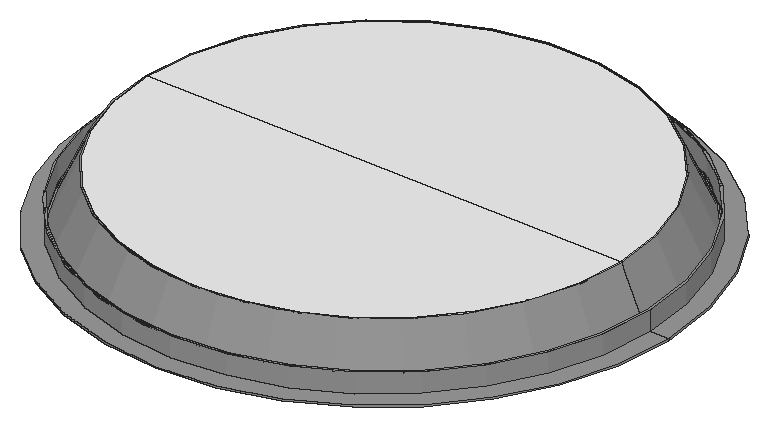
Revit family "Artemide_Tagora_Recessed_970", category Apparecchi per illuminazione, Revit 2018
Family settings
  Quota connettore circolare = Usa diametro
  Tipo di parte = Normale
  Basato su piano di lavoro = Sì
  Sempre verticale = Sì
  Taglio con vuoti quando caricato = Sì
  Sorgente d'illuminazione = Sì
  Condiviso = No
  Punto di calcolo locali = No
Parameters
  Wattage = 84 W
  built-in parameter 1150110 = 1 (stored number, unit not read)
  Voltage = "-"
  built-in parameter 1114217 = 1 (stored number, unit not read)
  Tilt Angle = 90.00°
  built-in parameter 1150109 = 1 (stored number, unit not read)
  built-in parameter 1150134 = 12
  built-in parameter 1150113 = 1 (stored number, unit not read)
  Product Range = "Tagora"
  File diagramma fotometrico = "M250121.IES"
  Max Height from ceiling = 0 mm
  M_Housing = Artemide_Aluminum_White
  M_Fixings = Artemide_Aluminum_Anodized
  M_Diffuser = Artemide_Glass_LightBulb
  built-in parameter 1150105 = 550.27 (stored number, unit not read)
  Lumens = 6914.88 lm
  built-in parameter 1150115 = 1 (stored number, unit not read)
  built-in parameter 1150137 = (empty or 0)
  built-in parameter 1150139 = (empty or 0)
  built-in parameter 1150112 = 1 (stored number, unit not read)
  built-in parameter 1150114 = 1 (stored number, unit not read)
  built-in parameter 1150132 = (empty or 0)
  built-in parameter 1150102 = (empty or 0)
  built-in parameter 1150107 = 4000 (stored number, unit not read)
  built-in parameter 1150138 = (empty or 0)
  built-in parameter 1150106 = 5.5027 (stored number, unit not read)
  IfcExportType = "NOT DEFINED"  # constant formula
  IfcExportAs = "IfcLightFixtureType"  # constant formula
  Weekly = "-"
  Warranty ID = "https://cloud.artemide.com/5-years-warranty"
  Upward Component  = 0
  Unified Glare Rating  = "-"
  Uniclass 2015 = "Pr_70_70_48"  # constant formula
  URL to O&M Manual = "https://www.artemide.com/contents/documenti/prodotto/tagora_incasso_970_instructions2528833.pdf"
  URL to Energy Technology List = "-"
  Trim Material = "Aluminium"
  Trim Finish = "Painted"
  Trim Colour  = "White"
  Total Power = 0
  Total Light Output  = 0
  Testing method = "-"
  Supply Phase = 0
  Suitable for Photocell Control = "-"
  Suitable for Motion Detector Control = "N"
  Suitable for Dimming  = "Y"
  Suitable Dimmer Type = "DALI"
  Standards = "-"
  Shipping Weight = 0
  Service life  = "-"
  Secondary Rated Lamp Life = 0
  Secondary Lamp Voltage = 0
  Secondary Lamp International Type Code = "-"
  Secondary Lamp Initial Lumens  = 0
  Secondary Lamp Included = "-"
  Secondary Lamp Efficacy = 0
  Secondary Lamp Colour Temperature = 0
  Secondary Lamp Colour Rendering Index = 0
  Secondary Lamp Cap = "-"
  Secondary Lamp = "-"
  Responsible Sourcing of Materials = "-"
  Responsible Extraction of Materials = "-"
  Rated Lamp Life = 50000
  Quarterly = "-"
  Product Model Number = "M250121"
  Product Literature = "https://www.artemide.com/en/subfamily/1657802/tagora-recessed-970"
  Primary Lamp Type = "LED"
  Power Supply Kit = "-"
  Power Factor = 0
  Photocell = "-"
  Overall Width = 0
  Overall Light Output Ratio = 0
  Overall Length = 1046
  Overall Height = 0
  Output Lumens Indirect light = 0
  Output Lumens Direct light = 6915
  Number of Secondary Lamps = 0
  Number of Primary Lamps = 1
  Number of Poles = 0
  Motion Sensor = "-"
  Motion Detector = "-"
  Monthly = "-"
  Minimum Operating Temperature = 0
  Maximum Operating Temperature = 0
  Material Ingredient Reporting = "-"
  Manufacturer Website = "https://www.artemide.com"
  Produttore = "Artemide"
  Maintenance Required: 8001-12000hrs  = "-"
  Maintenance Required: 601-1000hrs = "-"
  Maintenance Required: 4001-8000hrs  = "-"
  Maintenance Required: 301-600hrs  = "-"
  Maintenance Required: 2001-4000hrs  = "-"
  Maintenance Required: 1001-2000hrs  = "-"
  Maintenance Required: 0-300hrs  = "-"
  Luminance at 65deg Angle = 0
  Luminaire Type = "Downlight"
  Luminaire Maintenance Factor = 0
  Luminaire Cleaning Interval  = "-"
  Louvre/Lens = "-"
  Location of Manufacturer = "-"
  Light Output Pattern = "-"
  Light Fixture Mounting Type = "Recessed"
  Life Cycle Analysis = "-"
  Lamp Survival Factor = "-"
  Lamp Replacement Interval = "-"
  Lamp Included = "Y"
  Lamp Cap = "LED Integrated"
  LED lifetime = 50000
  LED Maintained Colour Variation         = 0
  LED Initial Colour Variation                      = 0
  International Type Code = "-"
  Intended Market = "Unset"
  Integral Fuse or Circuit Protection  = "-"
  Integral Emergency Lighting Battery Type = "-"
  Input Lumens Indirect light = 0
  Input Lumens Direct light = 12805
  Initial Lumens = 6915
  Infills = "-"
  IP Rating = "IP20"
  IK Rating = "-"
  IES Files  = "https://www.artemide.com/product/downloadFile/1664533/ieseu/4887942"
  Housing Material = "Aluminium"
  Housing Finish  = "Painted"
  Housing Colour  = "White"
  Hazardous Area Protection Type = "-"
  Hazardous Area Category = "-"
  Gross Weight = 0
  Green Guide for Specification = "-"
  Frequency  = 0
  Fixings = "-"
  Fire Shroud = "-"
  Fire Rating Duration = 0
  Fire Rated Temperature = 0
  Fire Rated = "-"
  Features = "Any additional components/accessories included in this file are required to complete the product/configuration and must be ordered separately.Please check the catalogue/dedicated brochure for more information"
  Face Width = 0
  Face Shape = "Circular"
  Face Length = 0
  External Control Line Voltage = 0
  Expected Life = "-"
  Environmental Product Declaration = "-"
  End Caps/Transition Caps/Joints = "-"
  Emit from Circle Diameter = 873.2 mm
  Rendi la forma visibile nel rendering = no
  Emergency light output percentage = 0
  Emergency Lighting Battery = "-"
  Emergency Charging Power       = 0
  Emergency = "N"
  Embodied Carbon  = 0
  Efficiency = 54
  built-in parameter 1150104 = 7.6478 (stored number, unit not read)
  Earth Point  = "-"
  ENEC Certification of European conformity = "N"
  Duration of Integral Emergency Lighting  = 0
  Drive Current                                          = 0
  Downward Component = 0
  Variazione temperatura colore lampada con luminosità attenuata = <Nessuno>
  Diffusing screen = "-"
  Designed by = "S./R. Cornelissen"
  Default Elevation = 1219.2 mm
  Daylight Sensor = "-"
  Daily = "-"
  Cut Out Width = 1002
  Cut Out Length = 227
  Current  = 0
  Control Gear Type = "-"
  Control Gear Standby Power  = 0
  Control Gear Required = "-"
  Control Gear Location = "-"
  Column = "-"
  Colour Temperature = 4000
  Colour Rendering Index = 80
  Filtro dei colori = 16777215
  CE Approval = "Y"
  Bespoke Timeframe = "-"
  Beam Angle Transverse Axis  = 0.00°
  Beam Angle Longditudinal Axis  = 0.00°
  Basis of lifetime luminaire failures        = 0
  Basis of lifetime lumen depreciation   = 0
  built-in parameter 1114218 = 1 (stored number, unit not read)
  built-in parameter 1150133 = 10 (stored number, unit not read)
  Application Environment = "Internal"
  Annually = "-"
  Ambient Temperature                             = 0
  Air Handling = "-"
  Access Clearance Top = 0
  Access Clearance Right = 0
  Access Clearance Rear = 0
  Access Clearance Left = 0
  Access Clearance Front = 0
  Access Clearance Bottom = 0
  6 Monthly = "-"
Reference planes
  plane 1 "Center (Front/Back)": y = 0
  plane 2: z = 0
  plane 3 "Center (Left/Right)": x = 0
  plane 4 "Bottom Internal Cone": z = 1.9
  plane 5 "Top External Disc": z = 5
  plane 6 "Light": z = 112.881
  plane 7 "Center L/AA": z = 40
  plane 8 "Center L/CC": z = 235
  plane 9 "Center L/JJ": z = 99.75
  plane 10 "Center L/KK": z = 96.75
Forms (mm)
  Revolve 1, solid, material "Artemide_Aluminum_White" <- "M_Housing"
    sketch origin (0, 0, 0) x (1, 0, 0) y (0, 0, 1)
      loop
        line (-437.212, 99.75) -> (-482.84, 1.9) -> (-486.5, 1.9) -> (-486.5, 0) -> (-481.74, 0) -> (-435.226, 99.75) -> (-437.212, 99.75)
      axis (0, 99.75) -> (0, 0)
    angle from 0 to 360
  Revolve 2, solid, material "Artemide_Glass_LightBulb" <- "M_Diffuser"
    sketch origin (0, 0, 0) x (1, 0, 0) y (0, 0, 1)
      loop
        line (-435.207, 99.75) -> (-435.207, 96.75) -> (0, 96.75) -> (0, 99.75) -> (-435.207, 99.75)
      axis (0, 99.75) -> (0, 96.75)
    angle from 0 to 360
  Revolve 3, solid, material "Artemide_Aluminum_Anodized" <- "M_Fixings"
    sketch origin (0, 0, 0) x (1, 0, 0) y (0, 0, 1)
      loop
        line (-486.5, 1.9) -> (-486.5, 5) -> (-522.753, 5) -> (-522.753, 1.9) -> (-486.5, 1.9)
      axis (0, 5) -> (0, 1.9)
    angle from 0 to 360
  Extrusion 4, solid, material "Artemide_Aluminum_Anodized" <- "M_Fixings"
    sketch origin (0, 0, 0) x (1, 0, 0) y (0, 1, 0)
      loop
        circle (0, 0) r 485.95
      loop
        circle (0, 0) r 489.05
    from 5 to 40
  Extrusion 5, void
    sketch origin (0, 0, 0) x (1, 0, 0) y (0, 1, 0)
      loop
        circle (0, 0) r 486.5
    from 0 to 235
Dimensions and locks
  locked: plane 5 "Top External Disc" to plane 4 "Bottom Internal Cone" at 3.1
  locked: plane 7 "Center L/AA" to plane 2 at 40
  locked: plane 4 "Bottom Internal Cone" to plane 2 at 1.9
  plane 8 "Center L/CC" to plane 6 "Light" to plane 2 = 122.119 mm locked, 112.881 mm locked
  locked: plane 10 "Center L/KK" to plane 2 at 96.75
  locked: plane 9 "Center L/JJ" to plane 10 "Center L/KK" at 3
  aligned and locked: plane 6 "Light" to imposter light
  aligned and locked: plane 3 "Center (Left/Right)" to imposter light
  aligned and locked: imposter light to plane 1 "Center (Front/Back)"
  aligned and locked: Revolve 1 sketch curve to plane 3 "Center (Left/Right)"
  aligned and locked: Revolve 2 sketch curve to plane 3 "Center (Left/Right)"
  aligned and locked: Revolve 3 sketch curve to plane 5 "Top External Disc"
  aligned and locked: plane 4 "Bottom Internal Cone" to Revolve 3 sketch curve
  aligned and locked: Revolve 3 sketch curve to plane 3 "Center (Left/Right)"
  aligned and locked: Extrusion 4 to plane 5 "Top External Disc"
  aligned and locked: plane 7 "Center L/AA" to Extrusion 4
  aligned and locked: Extrusion 5 to plane 2
  aligned and locked: plane 4 "Bottom Internal Cone" to Revolve 1 sketch curve
  aligned and locked: Revolve 1 sketch curve to plane 2
  aligned and locked: Revolve 2 sketch curve to plane 9 "Center L/JJ"
  aligned and locked: plane 10 "Center L/KK" to Revolve 2 sketch curve
  aligned and locked: plane 8 "Center L/CC" to Extrusion 5
  aligned and locked: Revolve 1 sketch curve to plane 9 "Center L/JJ"
